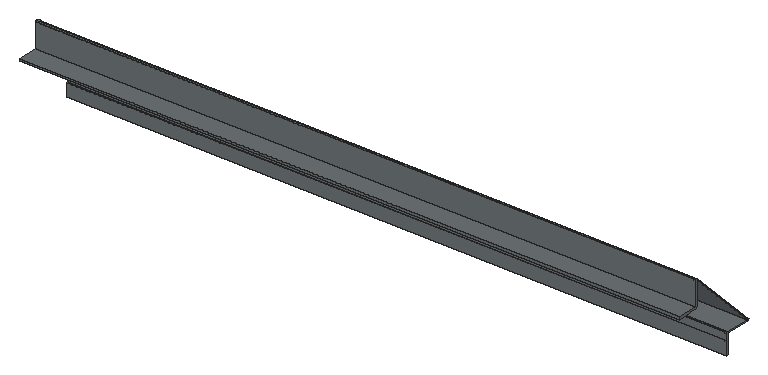
Revit family "BIMLIB_ПланкаУглаВнутреннегоСоставнаяВерхняя_GRANDLINE", category Обобщенные модели, Revit 2017
Family settings
  Может служить основой для арматурных стержней = Нет
  Размер круглого соединителя = Использовать диаметр
  Тип детали = Нормальный
  При загрузке вырезать с полостями = Нет
  Общий = Нет
  Точка расчета площади = Нет
Parameters (values of type "Планка угла внутреннего составная верхняя")
  Смещение от плоскости [instance] = 0 mm
  Описание = ADSK_Наименование  # "Планка угла внутеннего составная верхняя"
  Изготовитель = "Grand Line"  # constant formula
  built-in parameter 1001306 [instance] = 500 mm
  Watermark [instance] = "Модели защищены уникальным кодом"
  URL = "https://www.grandline.ru"
  BL_Разработано = "support@bimlib.pro"
  BL_Email = "info@grandline.ru"
  BL_BIM library = "https://bimlib.pro/manufacturer/company/22430"
  ADSK_Размер_Длина [instance] = [built-in parameter 1001306]  # 500 mm
  ADSK_Обозначение = "ГОСТ 19904-90, ГОСТ 14918-80"
  ADSK_Наименование = "Планка угла внутеннего составная верхняя"
  ADSK_Материал тип подсчета = 1  # constant formula
  ADSK_Материал = GL_Drap_RAL7016
  ADSK_Масса_Текст [instance] = ""
  ADSK_Масса [instance] = 0
  ADSK_Марка = ""
  ADSK_Количество [instance] = if(ADSK_Материал тип подсчета = 0, 1, if(ADSK_Материал тип подсчета = 1, ADSK_Размер_Длина / 1000 mm, 0))  # 0.5
  ADSK_Код изделия = "M12.108.04"  # constant formula
  ADSK_Завод-изготовитель = "Grand Line"  # constant formula
  ADSK_Единица измерения = "м"  # constant formula
  ADSK_Группирование = "Доборные элементы"  # constant formula
  ADSK_Версия Revit = "2017"  # constant formula
  ADSK_URL страницы изделия = "https://www.grandline.ru/katalog/fasad/dobornye-elementy-fasada/dobornye-elementy-blok-khaus-ekobrus/planka-ugla-vnutrennego-sostavnaya-verkhnyaya/"
  ADSK_URL документации изделия = "https://www.grandline.ru/uploads/files/chertezhi_vse/dobornye_elementy/de_saiyding_fasad/Planka-ugla-vnutrennego-sostavnaa-verhnaa.jpg"
Reference planes
  plane 1 "По центру (Вперед/Назад)": y = 0
  plane 2: z = 0
  plane 3 "Слева": x = 0
  plane 4 "Справа": x = 500
Forms (mm)
  Sweep 1, solid, material "GL_Drap_RAL7016" <- "ADSK_Материал"
    path in 3D
      loop
        line (0, 0, 0) -> (500, 0, 0)
    profile "Профиль_ПланкаУглаВнутреннегоСоставнаяВерхняя : Профиль" origin (250, 0, 0) x (0, 1, 0) y (0, 0, 1)
      loop
        arc (21.873, 70.24) -> (20.997, 70.415) -> (20.5, 69.672) r 0.804
        line (20.5, 69.672) -> (20.5, 51.276) -> (5.5, 51.276) -> (5.5, 49.676) -> (15.5, 49.676) -> (15.5, 50.476) -> (20.516, 50.476)
        arc (20.516, 50.476) -> (21.07, 50.705) -> (21.3, 51.26) r 0.784
        line (21.3, 51.26) -> (21.3, 69.682) -> (69.682, 21.3) -> (51.26, 21.3)
        arc (51.26, 21.3) -> (50.705, 21.07) -> (50.476, 20.516) r 0.784
        line (50.476, 20.516) -> (50.476, 15.5) -> (49.676, 15.5) -> (49.676, 5.5) -> (51.276, 5.5) -> (51.276, 20.5) -> (69.672, 20.5)
        arc (69.672, 20.5) -> (70.415, 20.997) -> (70.24, 21.873) r 0.804
        line (70.24, 21.873) -> (21.873, 70.24)
Lines and regions (mm)
  reference lines
    curve 1: line (0, 0, 0) -> (500, 0, 0)
  sketch lines
    curve 2: line (0, 0, 0) -> (500, 0, 0)
Dimensions and locks
  "built-in parameter 1001306": plane 3 "Слева" to plane 4 "Справа"
  aligned and locked: plane 4 "Справа" to curve 1
  aligned and locked: plane 1 "По центру (Вперед/Назад)" to curve 1
  aligned and locked: plane 3 "Слева" to curve 1
  aligned and locked: level to plane 2
